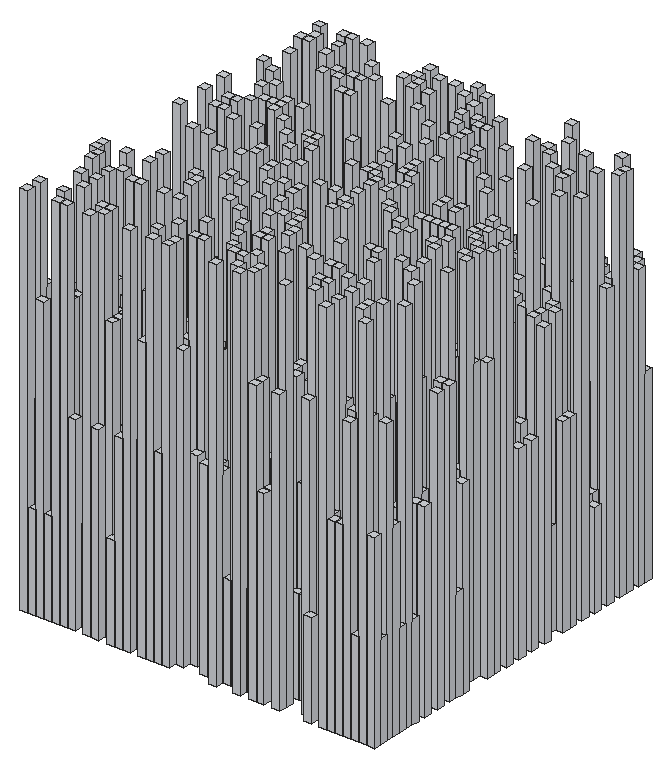
Revit family "qrcodeQ(a)R(t)", category Generic Models, Revit 2013 (continued)
Forms (in)
  Extrusion 695, solid
    sketch origin (0, 0, 0) x (1, 0, 0) y (0, 1, 0)
      loop
        line (19.992, 28.9884) -> (20.9916, 28.9884) -> (20.9916, 29.988) -> (19.992, 29.988) -> (19.992, 28.9884)
    from 0 to 24
  Extrusion 696, solid
    sketch origin (0, 0, 0) x (1, 0, 0) y (0, 1, 0)
      loop
        line (20.9916, 28.9884) -> (21.9912, 28.9884) -> (21.9912, 29.988) -> (20.9916, 29.988) -> (20.9916, 28.9884)
    from 0 to 12
  Extrusion 697, solid
    sketch origin (0, 0, 0) x (1, 0, 0) y (0, 1, 0)
      loop
        line (21.9912, 28.9884) -> (22.9908, 28.9884) -> (22.9908, 29.988) -> (21.9912, 29.988) -> (21.9912, 28.9884)
    from 0 to 36
  Extrusion 698, solid
    sketch origin (0, 0, 0) x (1, 0, 0) y (0, 1, 0)
      loop
        line (26.9892, 28.9884) -> (27.9888, 28.9884) -> (27.9888, 29.988) -> (26.9892, 29.988) -> (26.9892, 28.9884)
    from 0 to 12
  Extrusion 699, solid
    sketch origin (0, 0, 0) x (1, 0, 0) y (0, 1, 0)
      loop
        line (27.9888, 28.9884) -> (28.9884, 28.9884) -> (28.9884, 29.988) -> (27.9888, 29.988) -> (27.9888, 28.9884)
    from 0 to 36
  Extrusion 700, solid
    sketch origin (0, 0, 0) x (1, 0, 0) y (0, 1, 0)
      loop
        line (28.9884, 28.9884) -> (29.988, 28.9884) -> (29.988, 29.988) -> (28.9884, 29.988) -> (28.9884, 28.9884)
    from 0 to 36
  Extrusion 701, solid
    sketch origin (0, 0, 0) x (1, 0, 0) y (0, 1, 0)
      loop
        line (29.988, 28.9884) -> (30.9876, 28.9884) -> (30.9876, 29.988) -> (29.988, 29.988) -> (29.988, 28.9884)
    from 0 to 36
  Extrusion 702, solid
    sketch origin (0, 0, 0) x (1, 0, 0) y (0, 1, 0)
      loop
        line (31.9872, 28.9884) -> (32.9868, 28.9884) -> (32.9868, 29.988) -> (31.9872, 29.988) -> (31.9872, 28.9884)
    from 0 to 12
  Extrusion 703, solid
    sketch origin (0, 0, 0) x (1, 0, 0) y (0, 1, 0)
      loop
        line (32.9868, 28.9884) -> (33.9864, 28.9884) -> (33.9864, 29.988) -> (32.9868, 29.988) -> (32.9868, 28.9884)
    from 0 to 12
  Extrusion 704, solid
    sketch origin (0, 0, 0) x (1, 0, 0) y (0, 1, 0)
      loop
        line (38.9844, 28.9884) -> (39.984, 28.9884) -> (39.984, 29.988) -> (38.9844, 29.988) -> (38.9844, 28.9884)
    from 0 to 12
  Extrusion 705, solid
    sketch origin (0, 0, 0) x (1, 0, 0) y (0, 1, 0)
      loop
        line (39.984, 28.9884) -> (40.9836, 28.9884) -> (40.9836, 29.988) -> (39.984, 29.988) -> (39.984, 28.9884)
    from 0 to 36
  Extrusion 706, solid
    sketch origin (0, 0, 0) x (1, 0, 0) y (0, 1, 0)
      loop
        line (40.9836, 28.9884) -> (41.9832, 28.9884) -> (41.9832, 29.988) -> (40.9836, 29.988) -> (40.9836, 28.9884)
    from 0 to 48
  Extrusion 707, solid
    sketch origin (0, 0, 0) x (1, 0, 0) y (0, 1, 0)
      loop
        line (41.9832, 28.9884) -> (42.9828, 28.9884) -> (42.9828, 29.988) -> (41.9832, 29.988) -> (41.9832, 28.9884)
    from 0 to 36
  Extrusion 708, solid
    sketch origin (0, 0, 0) x (1, 0, 0) y (0, 1, 0)
      loop
        line (42.9828, 28.9884) -> (43.9824, 28.9884) -> (43.9824, 29.988) -> (42.9828, 29.988) -> (42.9828, 28.9884)
    from 0 to 12
  Extrusion 709, solid
    sketch origin (0, 0, 0) x (1, 0, 0) y (0, 1, 0)
      loop
        line (0, 29.988) -> (0.9996, 29.988) -> (0.9996, 30.9876) -> (0, 30.9876) -> (0, 29.988)
    from 0 to 24
  Extrusion 710, solid
    sketch origin (0, 0, 0) x (1, 0, 0) y (0, 1, 0)
      loop
        line (0.9996, 29.988) -> (1.9992, 29.988) -> (1.9992, 30.9876) -> (0.9996, 30.9876) -> (0.9996, 29.988)
    from 0 to 48
  Extrusion 711, solid
    sketch origin (0, 0, 0) x (1, 0, 0) y (0, 1, 0)
      loop
        line (2.9988, 29.988) -> (3.9984, 29.988) -> (3.9984, 30.9876) -> (2.9988, 30.9876) -> (2.9988, 29.988)
    from 0 to 36
  Extrusion 712, solid
    sketch origin (0, 0, 0) x (1, 0, 0) y (0, 1, 0)
      loop
        line (4.998, 29.988) -> (5.9976, 29.988) -> (5.9976, 30.9876) -> (4.998, 30.9876) -> (4.998, 29.988)
    from 0 to 12
  Extrusion 713, solid
    sketch origin (0, 0, 0) x (1, 0, 0) y (0, 1, 0)
      loop
        line (5.9976, 29.988) -> (6.9972, 29.988) -> (6.9972, 30.9876) -> (5.9976, 30.9876) -> (5.9976, 29.988)
    from 0 to 36
  Extrusion 714, solid
    sketch origin (0, 0, 0) x (1, 0, 0) y (0, 1, 0)
      loop
        line (7.9968, 29.988) -> (8.9964, 29.988) -> (8.9964, 30.9876) -> (7.9968, 30.9876) -> (7.9968, 29.988)
    from 0 to 36
  Extrusion 715, solid
    sketch origin (0, 0, 0) x (1, 0, 0) y (0, 1, 0)
      loop
        line (8.9964, 29.988) -> (9.996, 29.988) -> (9.996, 30.9876) -> (8.9964, 30.9876) -> (8.9964, 29.988)
    from 0 to 48
  Extrusion 716, solid
    sketch origin (0, 0, 0) x (1, 0, 0) y (0, 1, 0)
      loop
        line (10.9956, 29.988) -> (11.9952, 29.988) -> (11.9952, 30.9876) -> (10.9956, 30.9876) -> (10.9956, 29.988)
    from 0 to 48
  Extrusion 717, solid
    sketch origin (0, 0, 0) x (1, 0, 0) y (0, 1, 0)
      loop
        line (11.9952, 29.988) -> (12.9948, 29.988) -> (12.9948, 30.9876) -> (11.9952, 30.9876) -> (11.9952, 29.988)
    from 0 to 12
  Extrusion 718, solid
    sketch origin (0, 0, 0) x (1, 0, 0) y (0, 1, 0)
      loop
        line (14.994, 29.988) -> (15.9936, 29.988) -> (15.9936, 30.9876) -> (14.994, 30.9876) -> (14.994, 29.988)
    from 0 to 12
  Extrusion 719, solid
    sketch origin (0, 0, 0) x (1, 0, 0) y (0, 1, 0)
      loop
        line (15.9936, 29.988) -> (16.9932, 29.988) -> (16.9932, 30.9876) -> (15.9936, 30.9876) -> (15.9936, 29.988)
    from 0 to 24
  Extrusion 720, solid
    sketch origin (0, 0, 0) x (1, 0, 0) y (0, 1, 0)
      loop
        line (16.9932, 29.988) -> (17.9928, 29.988) -> (17.9928, 30.9876) -> (16.9932, 30.9876) -> (16.9932, 29.988)
    from 0 to 24
  Extrusion 721, solid
    sketch origin (0, 0, 0) x (1, 0, 0) y (0, 1, 0)
      loop
        line (19.992, 29.988) -> (20.9916, 29.988) -> (20.9916, 30.9876) -> (19.992, 30.9876) -> (19.992, 29.988)
    from 0 to 36
  Extrusion 722, solid
    sketch origin (0, 0, 0) x (1, 0, 0) y (0, 1, 0)
      loop
        line (22.9908, 29.988) -> (23.9904, 29.988) -> (23.9904, 30.9876) -> (22.9908, 30.9876) -> (22.9908, 29.988)
    from 0 to 24
  Extrusion 723, solid
    sketch origin (0, 0, 0) x (1, 0, 0) y (0, 1, 0)
      loop
        line (23.9904, 29.988) -> (24.99, 29.988) -> (24.99, 30.9876) -> (23.9904, 30.9876) -> (23.9904, 29.988)
    from 0 to 48
  Extrusion 724, solid
    sketch origin (0, 0, 0) x (1, 0, 0) y (0, 1, 0)
      loop
        line (25.9896, 29.988) -> (26.9892, 29.988) -> (26.9892, 30.9876) -> (25.9896, 30.9876) -> (25.9896, 29.988)
    from 0 to 36
  Extrusion 725, solid
    sketch origin (0, 0, 0) x (1, 0, 0) y (0, 1, 0)
      loop
        line (26.9892, 29.988) -> (27.9888, 29.988) -> (27.9888, 30.9876) -> (26.9892, 30.9876) -> (26.9892, 29.988)
    from 0 to 12
  Extrusion 726, solid
    sketch origin (0, 0, 0) x (1, 0, 0) y (0, 1, 0)
      loop
        line (27.9888, 29.988) -> (28.9884, 29.988) -> (28.9884, 30.9876) -> (27.9888, 30.9876) -> (27.9888, 29.988)
    from 0 to 48
  Extrusion 727, solid
    sketch origin (0, 0, 0) x (1, 0, 0) y (0, 1, 0)
      loop
        line (29.988, 29.988) -> (30.9876, 29.988) -> (30.9876, 30.9876) -> (29.988, 30.9876) -> (29.988, 29.988)
    from 0 to 12
  Extrusion 728, solid
    sketch origin (0, 0, 0) x (1, 0, 0) y (0, 1, 0)
      loop
        line (32.9868, 29.988) -> (33.9864, 29.988) -> (33.9864, 30.9876) -> (32.9868, 30.9876) -> (32.9868, 29.988)
    from 0 to 12
  Extrusion 729, solid
    sketch origin (0, 0, 0) x (1, 0, 0) y (0, 1, 0)
      loop
        line (33.9864, 29.988) -> (34.986, 29.988) -> (34.986, 30.9876) -> (33.9864, 30.9876) -> (33.9864, 29.988)
    from 0 to 48
  Extrusion 730, solid
    sketch origin (0, 0, 0) x (1, 0, 0) y (0, 1, 0)
      loop
        line (37.9848, 29.988) -> (38.9844, 29.988) -> (38.9844, 30.9876) -> (37.9848, 30.9876) -> (37.9848, 29.988)
    from 0 to 36
  Extrusion 731, solid
    sketch origin (0, 0, 0) x (1, 0, 0) y (0, 1, 0)
      loop
        line (39.984, 29.988) -> (40.9836, 29.988) -> (40.9836, 30.9876) -> (39.984, 30.9876) -> (39.984, 29.988)
    from 0 to 24
  Extrusion 732, solid
    sketch origin (0, 0, 0) x (1, 0, 0) y (0, 1, 0)
      loop
        line (41.9832, 29.988) -> (42.9828, 29.988) -> (42.9828, 30.9876) -> (41.9832, 30.9876) -> (41.9832, 29.988)
    from 0 to 12
  Extrusion 733, solid
    sketch origin (0, 0, 0) x (1, 0, 0) y (0, 1, 0)
      loop
        line (42.9828, 29.988) -> (43.9824, 29.988) -> (43.9824, 30.9876) -> (42.9828, 30.9876) -> (42.9828, 29.988)
    from 0 to 36
  Extrusion 734, solid
    sketch origin (0, 0, 0) x (1, 0, 0) y (0, 1, 0)
      loop
        line (43.9824, 29.988) -> (44.982, 29.988) -> (44.982, 30.9876) -> (43.9824, 30.9876) -> (43.9824, 29.988)
    from 0 to 24
  Extrusion 735, solid
    sketch origin (0, 0, 0) x (1, 0, 0) y (0, 1, 0)
      loop
        line (1.9992, 30.9876) -> (2.9988, 30.9876) -> (2.9988, 31.9872) -> (1.9992, 31.9872) -> (1.9992, 30.9876)
    from 0 to 12
  Extrusion 736, solid
    sketch origin (0, 0, 0) x (1, 0, 0) y (0, 1, 0)
      loop
        line (4.998, 30.9876) -> (5.9976, 30.9876) -> (5.9976, 31.9872) -> (4.998, 31.9872) -> (4.998, 30.9876)
    from 0 to 48
  Extrusion 737, solid
    sketch origin (0, 0, 0) x (1, 0, 0) y (0, 1, 0)
      loop
        line (6.9972, 30.9876) -> (7.9968, 30.9876) -> (7.9968, 31.9872) -> (6.9972, 31.9872) -> (6.9972, 30.9876)
    from 0 to 36
  Extrusion 738, solid
    sketch origin (0, 0, 0) x (1, 0, 0) y (0, 1, 0)
      loop
        line (16.9932, 30.9876) -> (17.9928, 30.9876) -> (17.9928, 31.9872) -> (16.9932, 31.9872) -> (16.9932, 30.9876)
    from 0 to 24
  Extrusion 739, solid
    sketch origin (0, 0, 0) x (1, 0, 0) y (0, 1, 0)
      loop
        line (17.9928, 30.9876) -> (18.9924, 30.9876) -> (18.9924, 31.9872) -> (17.9928, 31.9872) -> (17.9928, 30.9876)
    from 0 to 12
  Extrusion 740, solid
    sketch origin (0, 0, 0) x (1, 0, 0) y (0, 1, 0)
      loop
        line (21.9912, 30.9876) -> (22.9908, 30.9876) -> (22.9908, 31.9872) -> (21.9912, 31.9872) -> (21.9912, 30.9876)
    from 0 to 48
  Extrusion 741, solid
    sketch origin (0, 0, 0) x (1, 0, 0) y (0, 1, 0)
      loop
        line (22.9908, 30.9876) -> (23.9904, 30.9876) -> (23.9904, 31.9872) -> (22.9908, 31.9872) -> (22.9908, 30.9876)
    from 0 to 36
  Extrusion 742, solid
    sketch origin (0, 0, 0) x (1, 0, 0) y (0, 1, 0)
      loop
        line (29.988, 30.9876) -> (30.9876, 30.9876) -> (30.9876, 31.9872) -> (29.988, 31.9872) -> (29.988, 30.9876)
    from 0 to 24
  Extrusion 743, solid
    sketch origin (0, 0, 0) x (1, 0, 0) y (0, 1, 0)
      loop
        line (31.9872, 30.9876) -> (32.9868, 30.9876) -> (32.9868, 31.9872) -> (31.9872, 31.9872) -> (31.9872, 30.9876)
    from 0 to 12
  Extrusion 744, solid
    sketch origin (0, 0, 0) x (1, 0, 0) y (0, 1, 0)
      loop
        line (35.9856, 30.9876) -> (36.9852, 30.9876) -> (36.9852, 31.9872) -> (35.9856, 31.9872) -> (35.9856, 30.9876)
    from 0 to 48
  Extrusion 745, solid
    sketch origin (0, 0, 0) x (1, 0, 0) y (0, 1, 0)
      loop
        line (39.984, 30.9876) -> (40.9836, 30.9876) -> (40.9836, 31.9872) -> (39.984, 31.9872) -> (39.984, 30.9876)
    from 0 to 24
  Extrusion 746, solid
    sketch origin (0, 0, 0) x (1, 0, 0) y (0, 1, 0)
      loop
        line (41.9832, 30.9876) -> (42.9828, 30.9876) -> (42.9828, 31.9872) -> (41.9832, 31.9872) -> (41.9832, 30.9876)
    from 0 to 36
  Extrusion 747, solid
    sketch origin (0, 0, 0) x (1, 0, 0) y (0, 1, 0)
      loop
        line (43.9824, 30.9876) -> (44.982, 30.9876) -> (44.982, 31.9872) -> (43.9824, 31.9872) -> (43.9824, 30.9876)
    from 0 to 24
  Extrusion 748, solid
    sketch origin (0, 0, 0) x (1, 0, 0) y (0, 1, 0)
      loop
        line (3.9984, 31.9872) -> (4.998, 31.9872) -> (4.998, 32.9868) -> (3.9984, 32.9868) -> (3.9984, 31.9872)
    from 0 to 12
  Extrusion 749, solid
    sketch origin (0, 0, 0) x (1, 0, 0) y (0, 1, 0)
      loop
        line (4.998, 31.9872) -> (5.9976, 31.9872) -> (5.9976, 32.9868) -> (4.998, 32.9868) -> (4.998, 31.9872)
    from 0 to 36
  Extrusion 750, solid
    sketch origin (0, 0, 0) x (1, 0, 0) y (0, 1, 0)
      loop
        line (5.9976, 31.9872) -> (6.9972, 31.9872) -> (6.9972, 32.9868) -> (5.9976, 32.9868) -> (5.9976, 31.9872)
    from 0 to 48
  Extrusion 751, solid
    sketch origin (0, 0, 0) x (1, 0, 0) y (0, 1, 0)
      loop
        line (7.9968, 31.9872) -> (8.9964, 31.9872) -> (8.9964, 32.9868) -> (7.9968, 32.9868) -> (7.9968, 31.9872)
    from 0 to 24
  Extrusion 752, solid
    sketch origin (0, 0, 0) x (1, 0, 0) y (0, 1, 0)
      loop
        line (13.9944, 31.9872) -> (14.994, 31.9872) -> (14.994, 32.9868) -> (13.9944, 32.9868) -> (13.9944, 31.9872)
    from 0 to 36
  Extrusion 753, solid
    sketch origin (0, 0, 0) x (1, 0, 0) y (0, 1, 0)
      loop
        line (19.992, 31.9872) -> (20.9916, 31.9872) -> (20.9916, 32.9868) -> (19.992, 32.9868) -> (19.992, 31.9872)
    from 0 to 12
  Extrusion 754, solid
    sketch origin (0, 0, 0) x (1, 0, 0) y (0, 1, 0)
      loop
        line (24.99, 31.9872) -> (25.9896, 31.9872) -> (25.9896, 32.9868) -> (24.99, 32.9868) -> (24.99, 31.9872)
    from 0 to 48
  Extrusion 755, solid
    sketch origin (0, 0, 0) x (1, 0, 0) y (0, 1, 0)
      loop
        line (25.9896, 31.9872) -> (26.9892, 31.9872) -> (26.9892, 32.9868) -> (25.9896, 32.9868) -> (25.9896, 31.9872)
    from 0 to 12
  Extrusion 756, solid
    sketch origin (0, 0, 0) x (1, 0, 0) y (0, 1, 0)
      loop
        line (28.9884, 31.9872) -> (29.988, 31.9872) -> (29.988, 32.9868) -> (28.9884, 32.9868) -> (28.9884, 31.9872)
    from 0 to 36
  Extrusion 757, solid
    sketch origin (0, 0, 0) x (1, 0, 0) y (0, 1, 0)
      loop
        line (29.988, 31.9872) -> (30.9876, 31.9872) -> (30.9876, 32.9868) -> (29.988, 32.9868) -> (29.988, 31.9872)
    from 0 to 48
  Extrusion 758, solid
    sketch origin (0, 0, 0) x (1, 0, 0) y (0, 1, 0)
      loop
        line (30.9876, 31.9872) -> (31.9872, 31.9872) -> (31.9872, 32.9868) -> (30.9876, 32.9868) -> (30.9876, 31.9872)
    from 0 to 48
  Extrusion 759, solid
    sketch origin (0, 0, 0) x (1, 0, 0) y (0, 1, 0)
      loop
        line (33.9864, 31.9872) -> (34.986, 31.9872) -> (34.986, 32.9868) -> (33.9864, 32.9868) -> (33.9864, 31.9872)
    from 0 to 24
  Extrusion 760, solid
    sketch origin (0, 0, 0) x (1, 0, 0) y (0, 1, 0)
      loop
        line (37.9848, 31.9872) -> (38.9844, 31.9872) -> (38.9844, 32.9868) -> (37.9848, 32.9868) -> (37.9848, 31.9872)
    from 0 to 12
  Extrusion 761, solid
    sketch origin (0, 0, 0) x (1, 0, 0) y (0, 1, 0)
      loop
        line (39.984, 31.9872) -> (40.9836, 31.9872) -> (40.9836, 32.9868) -> (39.984, 32.9868) -> (39.984, 31.9872)
    from 0 to 12
  Extrusion 762, solid
    sketch origin (0, 0, 0) x (1, 0, 0) y (0, 1, 0)
      loop
        line (40.9836, 31.9872) -> (41.9832, 31.9872) -> (41.9832, 32.9868) -> (40.9836, 32.9868) -> (40.9836, 31.9872)
    from 0 to 12
  Extrusion 763, solid
    sketch origin (0, 0, 0) x (1, 0, 0) y (0, 1, 0)
      loop
        line (41.9832, 31.9872) -> (42.9828, 31.9872) -> (42.9828, 32.9868) -> (41.9832, 32.9868) -> (41.9832, 31.9872)
    from 0 to 48
  Extrusion 764, solid
    sketch origin (0, 0, 0) x (1, 0, 0) y (0, 1, 0)
      loop
        line (42.9828, 31.9872) -> (43.9824, 31.9872) -> (43.9824, 32.9868) -> (42.9828, 32.9868) -> (42.9828, 31.9872)
    from 0 to 12
  Extrusion 765, solid
    sketch origin (0, 0, 0) x (1, 0, 0) y (0, 1, 0)
      loop
        line (0.9996, 32.9868) -> (1.9992, 32.9868) -> (1.9992, 33.9864) -> (0.9996, 33.9864) -> (0.9996, 32.9868)
    from 0 to 36
  Extrusion 766, solid
    sketch origin (0, 0, 0) x (1, 0, 0) y (0, 1, 0)
      loop
        line (1.9992, 32.9868) -> (2.9988, 32.9868) -> (2.9988, 33.9864) -> (1.9992, 33.9864) -> (1.9992, 32.9868)
    from 0 to 24
  Extrusion 767, solid
    sketch origin (0, 0, 0) x (1, 0, 0) y (0, 1, 0)
      loop
        line (4.998, 32.9868) -> (5.9976, 32.9868) -> (5.9976, 33.9864) -> (4.998, 33.9864) -> (4.998, 32.9868)
    from 0 to 24
  Extrusion 768, solid
    sketch origin (0, 0, 0) x (1, 0, 0) y (0, 1, 0)
      loop
        line (6.9972, 32.9868) -> (7.9968, 32.9868) -> (7.9968, 33.9864) -> (6.9972, 33.9864) -> (6.9972, 32.9868)
    from 0 to 24
  Extrusion 769, solid
    sketch origin (0, 0, 0) x (1, 0, 0) y (0, 1, 0)
      loop
        line (10.9956, 32.9868) -> (11.9952, 32.9868) -> (11.9952, 33.9864) -> (10.9956, 33.9864) -> (10.9956, 32.9868)
    from 0 to 24
  Extrusion 770, solid
    sketch origin (0, 0, 0) x (1, 0, 0) y (0, 1, 0)
      loop
        line (13.9944, 32.9868) -> (14.994, 32.9868) -> (14.994, 33.9864) -> (13.9944, 33.9864) -> (13.9944, 32.9868)
    from 0 to 24
  Extrusion 771, solid
    sketch origin (0, 0, 0) x (1, 0, 0) y (0, 1, 0)
      loop
        line (14.994, 32.9868) -> (15.9936, 32.9868) -> (15.9936, 33.9864) -> (14.994, 33.9864) -> (14.994, 32.9868)
    from 0 to 24
  Extrusion 772, solid
    sketch origin (0, 0, 0) x (1, 0, 0) y (0, 1, 0)
      loop
        line (15.9936, 32.9868) -> (16.9932, 32.9868) -> (16.9932, 33.9864) -> (15.9936, 33.9864) -> (15.9936, 32.9868)
    from 0 to 24
  Extrusion 773, solid
    sketch origin (0, 0, 0) x (1, 0, 0) y (0, 1, 0)
      loop
        line (19.992, 32.9868) -> (20.9916, 32.9868) -> (20.9916, 33.9864) -> (19.992, 33.9864) -> (19.992, 32.9868)
    from 0 to 24
  Extrusion 774, solid
    sketch origin (0, 0, 0) x (1, 0, 0) y (0, 1, 0)
      loop
        line (21.9912, 32.9868) -> (22.9908, 32.9868) -> (22.9908, 33.9864) -> (21.9912, 33.9864) -> (21.9912, 32.9868)
    from 0 to 12
  Extrusion 775, solid
    sketch origin (0, 0, 0) x (1, 0, 0) y (0, 1, 0)
      loop
        line (22.9908, 32.9868) -> (23.9904, 32.9868) -> (23.9904, 33.9864) -> (22.9908, 33.9864) -> (22.9908, 32.9868)
    from 0 to 24
  Extrusion 776, solid
    sketch origin (0, 0, 0) x (1, 0, 0) y (0, 1, 0)
      loop
        line (24.99, 32.9868) -> (25.9896, 32.9868) -> (25.9896, 33.9864) -> (24.99, 33.9864) -> (24.99, 32.9868)
    from 0 to 12
  Extrusion 777, solid
    sketch origin (0, 0, 0) x (1, 0, 0) y (0, 1, 0)
      loop
        line (29.988, 32.9868) -> (30.9876, 32.9868) -> (30.9876, 33.9864) -> (29.988, 33.9864) -> (29.988, 32.9868)
    from 0 to 12
  Extrusion 778, solid
    sketch origin (0, 0, 0) x (1, 0, 0) y (0, 1, 0)
      loop
        line (30.9876, 32.9868) -> (31.9872, 32.9868) -> (31.9872, 33.9864) -> (30.9876, 33.9864) -> (30.9876, 32.9868)
    from 0 to 12
  Extrusion 779, solid
    sketch origin (0, 0, 0) x (1, 0, 0) y (0, 1, 0)
      loop
        line (31.9872, 32.9868) -> (32.9868, 32.9868) -> (32.9868, 33.9864) -> (31.9872, 33.9864) -> (31.9872, 32.9868)
    from 0 to 12
  Extrusion 780, solid
    sketch origin (0, 0, 0) x (1, 0, 0) y (0, 1, 0)
      loop
        line (33.9864, 32.9868) -> (34.986, 32.9868) -> (34.986, 33.9864) -> (33.9864, 33.9864) -> (33.9864, 32.9868)
    from 0 to 12
  Extrusion 781, solid
    sketch origin (0, 0, 0) x (1, 0, 0) y (0, 1, 0)
      loop
        line (35.9856, 32.9868) -> (36.9852, 32.9868) -> (36.9852, 33.9864) -> (35.9856, 33.9864) -> (35.9856, 32.9868)
    from 0 to 36
  Extrusion 782, solid
    sketch origin (0, 0, 0) x (1, 0, 0) y (0, 1, 0)
      loop
        line (39.984, 32.9868) -> (40.9836, 32.9868) -> (40.9836, 33.9864) -> (39.984, 33.9864) -> (39.984, 32.9868)
    from 0 to 36
  Extrusion 783, solid
    sketch origin (0, 0, 0) x (1, 0, 0) y (0, 1, 0)
      loop
        line (40.9836, 32.9868) -> (41.9832, 32.9868) -> (41.9832, 33.9864) -> (40.9836, 33.9864) -> (40.9836, 32.9868)
    from 0 to 36
  Extrusion 784, solid
    sketch origin (0, 0, 0) x (1, 0, 0) y (0, 1, 0)
      loop
        line (43.9824, 32.9868) -> (44.982, 32.9868) -> (44.982, 33.9864) -> (43.9824, 33.9864) -> (43.9824, 32.9868)
    from 0 to 48
  Extrusion 785, solid
    sketch origin (0, 0, 0) x (1, 0, 0) y (0, 1, 0)
      loop
        line (3.9984, 33.9864) -> (4.998, 33.9864) -> (4.998, 34.986) -> (3.9984, 34.986) -> (3.9984, 33.9864)
    from 0 to 48
  Extrusion 786, solid
    sketch origin (0, 0, 0) x (1, 0, 0) y (0, 1, 0)
      loop
        line (5.9976, 33.9864) -> (6.9972, 33.9864) -> (6.9972, 34.986) -> (5.9976, 34.986) -> (5.9976, 33.9864)
    from 0 to 36
  Extrusion 787, solid
    sketch origin (0, 0, 0) x (1, 0, 0) y (0, 1, 0)
      loop
        line (8.9964, 33.9864) -> (9.996, 33.9864) -> (9.996, 34.986) -> (8.9964, 34.986) -> (8.9964, 33.9864)
    from 0 to 36
  Extrusion 788, solid
    sketch origin (0, 0, 0) x (1, 0, 0) y (0, 1, 0)
      loop
        line (11.9952, 33.9864) -> (12.9948, 33.9864) -> (12.9948, 34.986) -> (11.9952, 34.986) -> (11.9952, 33.9864)
    from 0 to 12
  Extrusion 789, solid
    sketch origin (0, 0, 0) x (1, 0, 0) y (0, 1, 0)
      loop
        line (12.9948, 33.9864) -> (13.9944, 33.9864) -> (13.9944, 34.986) -> (12.9948, 34.986) -> (12.9948, 33.9864)
    from 0 to 24
  Extrusion 790, solid
    sketch origin (0, 0, 0) x (1, 0, 0) y (0, 1, 0)
      loop
        line (16.9932, 33.9864) -> (17.9928, 33.9864) -> (17.9928, 34.986) -> (16.9932, 34.986) -> (16.9932, 33.9864)
    from 0 to 24
  Extrusion 791, solid
    sketch origin (0, 0, 0) x (1, 0, 0) y (0, 1, 0)
      loop
        line (17.9928, 33.9864) -> (18.9924, 33.9864) -> (18.9924, 34.986) -> (17.9928, 34.986) -> (17.9928, 33.9864)
    from 0 to 12
  Extrusion 792, solid
    sketch origin (0, 0, 0) x (1, 0, 0) y (0, 1, 0)
      loop
        line (20.9916, 33.9864) -> (21.9912, 33.9864) -> (21.9912, 34.986) -> (20.9916, 34.986) -> (20.9916, 33.9864)
    from 0 to 36
  Extrusion 793, solid
    sketch origin (0, 0, 0) x (1, 0, 0) y (0, 1, 0)
      loop
        line (23.9904, 33.9864) -> (24.99, 33.9864) -> (24.99, 34.986) -> (23.9904, 34.986) -> (23.9904, 33.9864)
    from 0 to 24
  Extrusion 794, solid
    sketch origin (0, 0, 0) x (1, 0, 0) y (0, 1, 0)
      loop
        line (25.9896, 33.9864) -> (26.9892, 33.9864) -> (26.9892, 34.986) -> (25.9896, 34.986) -> (25.9896, 33.9864)
    from 0 to 48
  Extrusion 795, solid
    sketch origin (0, 0, 0) x (1, 0, 0) y (0, 1, 0)
      loop
        line (27.9888, 33.9864) -> (28.9884, 33.9864) -> (28.9884, 34.986) -> (27.9888, 34.986) -> (27.9888, 33.9864)
    from 0 to 12
  Extrusion 796, solid
    sketch origin (0, 0, 0) x (1, 0, 0) y (0, 1, 0)
      loop
        line (29.988, 33.9864) -> (30.9876, 33.9864) -> (30.9876, 34.986) -> (29.988, 34.986) -> (29.988, 33.9864)
    from 0 to 48
  Extrusion 797, solid
    sketch origin (0, 0, 0) x (1, 0, 0) y (0, 1, 0)
      loop
        line (31.9872, 33.9864) -> (32.9868, 33.9864) -> (32.9868, 34.986) -> (31.9872, 34.986) -> (31.9872, 33.9864)
    from 0 to 24
  Extrusion 798, solid
    sketch origin (0, 0, 0) x (1, 0, 0) y (0, 1, 0)
      loop
        line (34.986, 33.9864) -> (35.9856, 33.9864) -> (35.9856, 34.986) -> (34.986, 34.986) -> (34.986, 33.9864)
    from 0 to 24
  Extrusion 799, solid
    sketch origin (0, 0, 0) x (1, 0, 0) y (0, 1, 0)
      loop
        line (35.9856, 33.9864) -> (36.9852, 33.9864) -> (36.9852, 34.986) -> (35.9856, 34.986) -> (35.9856, 33.9864)
    from 0 to 48
  Extrusion 800, solid
    sketch origin (0, 0, 0) x (1, 0, 0) y (0, 1, 0)
      loop
        line (36.9852, 33.9864) -> (37.9848, 33.9864) -> (37.9848, 34.986) -> (36.9852, 34.986) -> (36.9852, 33.9864)
    from 0 to 36
  Extrusion 801, solid
    sketch origin (0, 0, 0) x (1, 0, 0) y (0, 1, 0)
      loop
        line (40.9836, 33.9864) -> (41.9832, 33.9864) -> (41.9832, 34.986) -> (40.9836, 34.986) -> (40.9836, 33.9864)
    from 0 to 12
  Extrusion 802, solid
    sketch origin (0, 0, 0) x (1, 0, 0) y (0, 1, 0)
      loop
        line (42.9828, 33.9864) -> (43.9824, 33.9864) -> (43.9824, 34.986) -> (42.9828, 34.986) -> (42.9828, 33.9864)
    from 0 to 12
  Extrusion 803, solid
    sketch origin (0, 0, 0) x (1, 0, 0) y (0, 1, 0)
      loop
        line (0.9996, 34.986) -> (1.9992, 34.986) -> (1.9992, 35.9856) -> (0.9996, 35.9856) -> (0.9996, 34.986)
    from 0 to 36
  Extrusion 804, solid
    sketch origin (0, 0, 0) x (1, 0, 0) y (0, 1, 0)
      loop
        line (1.9992, 34.986) -> (2.9988, 34.986) -> (2.9988, 35.9856) -> (1.9992, 35.9856) -> (1.9992, 34.986)
    from 0 to 48
  Extrusion 805, solid
    sketch origin (0, 0, 0) x (1, 0, 0) y (0, 1, 0)
      loop
        line (2.9988, 34.986) -> (3.9984, 34.986) -> (3.9984, 35.9856) -> (2.9988, 35.9856) -> (2.9988, 34.986)
    from 0 to 36
  Extrusion 806, solid
    sketch origin (0, 0, 0) x (1, 0, 0) y (0, 1, 0)
      loop
        line (3.9984, 34.986) -> (4.998, 34.986) -> (4.998, 35.9856) -> (3.9984, 35.9856) -> (3.9984, 34.986)
    from 0 to 24
  Extrusion 807, solid
    sketch origin (0, 0, 0) x (1, 0, 0) y (0, 1, 0)
      loop
        line (6.9972, 34.986) -> (7.9968, 34.986) -> (7.9968, 35.9856) -> (6.9972, 35.9856) -> (6.9972, 34.986)
    from 0 to 12
  Extrusion 808, solid
    sketch origin (0, 0, 0) x (1, 0, 0) y (0, 1, 0)
      loop
        line (9.996, 34.986) -> (10.9956, 34.986) -> (10.9956, 35.9856) -> (9.996, 35.9856) -> (9.996, 34.986)
    from 0 to 24
  Extrusion 809, solid
    sketch origin (0, 0, 0) x (1, 0, 0) y (0, 1, 0)
      loop
        line (11.9952, 34.986) -> (12.9948, 34.986) -> (12.9948, 35.9856) -> (11.9952, 35.9856) -> (11.9952, 34.986)
    from 0 to 48
  Extrusion 810, solid
    sketch origin (0, 0, 0) x (1, 0, 0) y (0, 1, 0)
      loop
        line (12.9948, 34.986) -> (13.9944, 34.986) -> (13.9944, 35.9856) -> (12.9948, 35.9856) -> (12.9948, 34.986)
    from 0 to 48
  Extrusion 811, solid
    sketch origin (0, 0, 0) x (1, 0, 0) y (0, 1, 0)
      loop
        line (13.9944, 34.986) -> (14.994, 34.986) -> (14.994, 35.9856) -> (13.9944, 35.9856) -> (13.9944, 34.986)
    from 0 to 12
  Extrusion 812, solid
    sketch origin (0, 0, 0) x (1, 0, 0) y (0, 1, 0)
      loop
        line (16.9932, 34.986) -> (17.9928, 34.986) -> (17.9928, 35.9856) -> (16.9932, 35.9856) -> (16.9932, 34.986)
    from 0 to 36
  Extrusion 813, solid
    sketch origin (0, 0, 0) x (1, 0, 0) y (0, 1, 0)
      loop
        line (17.9928, 34.986) -> (18.9924, 34.986) -> (18.9924, 35.9856) -> (17.9928, 35.9856) -> (17.9928, 34.986)
    from 0 to 12
  Extrusion 814, solid
    sketch origin (0, 0, 0) x (1, 0, 0) y (0, 1, 0)
      loop
        line (20.9916, 34.986) -> (21.9912, 34.986) -> (21.9912, 35.9856) -> (20.9916, 35.9856) -> (20.9916, 34.986)
    from 0 to 36
  Extrusion 815, solid
    sketch origin (0, 0, 0) x (1, 0, 0) y (0, 1, 0)
      loop
        line (21.9912, 34.986) -> (22.9908, 34.986) -> (22.9908, 35.9856) -> (21.9912, 35.9856) -> (21.9912, 34.986)
    from 0 to 12
  Extrusion 816, solid
    sketch origin (0, 0, 0) x (1, 0, 0) y (0, 1, 0)
      loop
        line (22.9908, 34.986) -> (23.9904, 34.986) -> (23.9904, 35.9856) -> (22.9908, 35.9856) -> (22.9908, 34.986)
    from 0 to 48
  Extrusion 817, solid
    sketch origin (0, 0, 0) x (1, 0, 0) y (0, 1, 0)
      loop
        line (23.9904, 34.986) -> (24.99, 34.986) -> (24.99, 35.9856) -> (23.9904, 35.9856) -> (23.9904, 34.986)
    from 0 to 24
  Extrusion 818, solid
    sketch origin (0, 0, 0) x (1, 0, 0) y (0, 1, 0)
      loop
        line (26.9892, 34.986) -> (27.9888, 34.986) -> (27.9888, 35.9856) -> (26.9892, 35.9856) -> (26.9892, 34.986)
    from 0 to 48
  Extrusion 819, solid
    sketch origin (0, 0, 0) x (1, 0, 0) y (0, 1, 0)
      loop
        line (27.9888, 34.986) -> (28.9884, 34.986) -> (28.9884, 35.9856) -> (27.9888, 35.9856) -> (27.9888, 34.986)
    from 0 to 12
  Extrusion 820, solid
    sketch origin (0, 0, 0) x (1, 0, 0) y (0, 1, 0)
      loop
        line (30.9876, 34.986) -> (31.9872, 34.986) -> (31.9872, 35.9856) -> (30.9876, 35.9856) -> (30.9876, 34.986)
    from 0 to 12
  Extrusion 821, solid
    sketch origin (0, 0, 0) x (1, 0, 0) y (0, 1, 0)
      loop
        line (32.9868, 34.986) -> (33.9864, 34.986) -> (33.9864, 35.9856) -> (32.9868, 35.9856) -> (32.9868, 34.986)
    from 0 to 36
  Extrusion 822, solid
    sketch origin (0, 0, 0) x (1, 0, 0) y (0, 1, 0)
      loop
        line (35.9856, 34.986) -> (36.9852, 34.986) -> (36.9852, 35.9856) -> (35.9856, 35.9856) -> (35.9856, 34.986)
    from 0 to 24
  Extrusion 823, solid
    sketch origin (0, 0, 0) x (1, 0, 0) y (0, 1, 0)
      loop
        line (39.984, 34.986) -> (40.9836, 34.986) -> (40.9836, 35.9856) -> (39.984, 35.9856) -> (39.984, 34.986)
    from 0 to 48
  Extrusion 824, solid
    sketch origin (0, 0, 0) x (1, 0, 0) y (0, 1, 0)
      loop
        line (43.9824, 34.986) -> (44.982, 34.986) -> (44.982, 35.9856) -> (43.9824, 35.9856) -> (43.9824, 34.986)
    from 0 to 12
  Extrusion 825, solid
    sketch origin (0, 0, 0) x (1, 0, 0) y (0, 1, 0)
      loop
        line (0, 35.9856) -> (0.9996, 35.9856) -> (0.9996, 36.9852) -> (0, 36.9852) -> (0, 35.9856)
    from 0 to 12
  Extrusion 826, solid
    sketch origin (0, 0, 0) x (1, 0, 0) y (0, 1, 0)
      loop
        line (2.9988, 35.9856) -> (3.9984, 35.9856) -> (3.9984, 36.9852) -> (2.9988, 36.9852) -> (2.9988, 35.9856)
    from 0 to 24
  Extrusion 827, solid
    sketch origin (0, 0, 0) x (1, 0, 0) y (0, 1, 0)
      loop
        line (3.9984, 35.9856) -> (4.998, 35.9856) -> (4.998, 36.9852) -> (3.9984, 36.9852) -> (3.9984, 35.9856)
    from 0 to 24
  Extrusion 828, solid
    sketch origin (0, 0, 0) x (1, 0, 0) y (0, 1, 0)
      loop
        line (5.9976, 35.9856) -> (6.9972, 35.9856) -> (6.9972, 36.9852) -> (5.9976, 36.9852) -> (5.9976, 35.9856)
    from 0 to 12
  Extrusion 829, solid
    sketch origin (0, 0, 0) x (1, 0, 0) y (0, 1, 0)
      loop
        line (6.9972, 35.9856) -> (7.9968, 35.9856) -> (7.9968, 36.9852) -> (6.9972, 36.9852) -> (6.9972, 35.9856)
    from 0 to 36
  Extrusion 830, solid
    sketch origin (0, 0, 0) x (1, 0, 0) y (0, 1, 0)
      loop
        line (8.9964, 35.9856) -> (9.996, 35.9856) -> (9.996, 36.9852) -> (8.9964, 36.9852) -> (8.9964, 35.9856)
    from 0 to 24
  Extrusion 831, solid
    sketch origin (0, 0, 0) x (1, 0, 0) y (0, 1, 0)
      loop
        line (13.9944, 35.9856) -> (14.994, 35.9856) -> (14.994, 36.9852) -> (13.9944, 36.9852) -> (13.9944, 35.9856)
    from 0 to 12
  Extrusion 832, solid
    sketch origin (0, 0, 0) x (1, 0, 0) y (0, 1, 0)
      loop
        line (14.994, 35.9856) -> (15.9936, 35.9856) -> (15.9936, 36.9852) -> (14.994, 36.9852) -> (14.994, 35.9856)
    from 0 to 36
  Extrusion 833, solid
    sketch origin (0, 0, 0) x (1, 0, 0) y (0, 1, 0)
      loop
        line (16.9932, 35.9856) -> (17.9928, 35.9856) -> (17.9928, 36.9852) -> (16.9932, 36.9852) -> (16.9932, 35.9856)
    from 0 to 48
  Extrusion 834, solid
    sketch origin (0, 0, 0) x (1, 0, 0) y (0, 1, 0)
      loop
        line (18.9924, 35.9856) -> (19.992, 35.9856) -> (19.992, 36.9852) -> (18.9924, 36.9852) -> (18.9924, 35.9856)
    from 0 to 36
  Extrusion 835, solid
    sketch origin (0, 0, 0) x (1, 0, 0) y (0, 1, 0)
      loop
        line (19.992, 35.9856) -> (20.9916, 35.9856) -> (20.9916, 36.9852) -> (19.992, 36.9852) -> (19.992, 35.9856)
    from 0 to 36
  Extrusion 836, solid
    sketch origin (0, 0, 0) x (1, 0, 0) y (0, 1, 0)
      loop
        line (20.9916, 35.9856) -> (21.9912, 35.9856) -> (21.9912, 36.9852) -> (20.9916, 36.9852) -> (20.9916, 35.9856)
    from 0 to 24
  Extrusion 837, solid
    sketch origin (0, 0, 0) x (1, 0, 0) y (0, 1, 0)
      loop
        line (21.9912, 35.9856) -> (22.9908, 35.9856) -> (22.9908, 36.9852) -> (21.9912, 36.9852) -> (21.9912, 35.9856)
    from 0 to 36
  Extrusion 838, solid
    sketch origin (0, 0, 0) x (1, 0, 0) y (0, 1, 0)
      loop
        line (22.9908, 35.9856) -> (23.9904, 35.9856) -> (23.9904, 36.9852) -> (22.9908, 36.9852) -> (22.9908, 35.9856)
    from 0 to 24
  Extrusion 839, solid
    sketch origin (0, 0, 0) x (1, 0, 0) y (0, 1, 0)
      loop
        line (23.9904, 35.9856) -> (24.99, 35.9856) -> (24.99, 36.9852) -> (23.9904, 36.9852) -> (23.9904, 35.9856)
    from 0 to 12
  Extrusion 840, solid
    sketch origin (0, 0, 0) x (1, 0, 0) y (0, 1, 0)
      loop
        line (25.9896, 35.9856) -> (26.9892, 35.9856) -> (26.9892, 36.9852) -> (25.9896, 36.9852) -> (25.9896, 35.9856)
    from 0 to 12
  Extrusion 841, solid
    sketch origin (0, 0, 0) x (1, 0, 0) y (0, 1, 0)
      loop
        line (26.9892, 35.9856) -> (27.9888, 35.9856) -> (27.9888, 36.9852) -> (26.9892, 36.9852) -> (26.9892, 35.9856)
    from 0 to 48
  Extrusion 842, solid
    sketch origin (0, 0, 0) x (1, 0, 0) y (0, 1, 0)
      loop
        line (27.9888, 35.9856) -> (28.9884, 35.9856) -> (28.9884, 36.9852) -> (27.9888, 36.9852) -> (27.9888, 35.9856)
    from 0 to 36
  Extrusion 843, solid
    sketch origin (0, 0, 0) x (1, 0, 0) y (0, 1, 0)
      loop
        line (28.9884, 35.9856) -> (29.988, 35.9856) -> (29.988, 36.9852) -> (28.9884, 36.9852) -> (28.9884, 35.9856)
    from 0 to 24
  Extrusion 844, solid
    sketch origin (0, 0, 0) x (1, 0, 0) y (0, 1, 0)
      loop
        line (30.9876, 35.9856) -> (31.9872, 35.9856) -> (31.9872, 36.9852) -> (30.9876, 36.9852) -> (30.9876, 35.9856)
    from 0 to 12
  Extrusion 845, solid
    sketch origin (0, 0, 0) x (1, 0, 0) y (0, 1, 0)
      loop
        line (31.9872, 35.9856) -> (32.9868, 35.9856) -> (32.9868, 36.9852) -> (31.9872, 36.9852) -> (31.9872, 35.9856)
    from 0 to 48
  Extrusion 846, solid
    sketch origin (0, 0, 0) x (1, 0, 0) y (0, 1, 0)
      loop
        line (32.9868, 35.9856) -> (33.9864, 35.9856) -> (33.9864, 36.9852) -> (32.9868, 36.9852) -> (32.9868, 35.9856)
    from 0 to 24
  Extrusion 847, solid
    sketch origin (0, 0, 0) x (1, 0, 0) y (0, 1, 0)
      loop
        line (34.986, 35.9856) -> (35.9856, 35.9856) -> (35.9856, 36.9852) -> (34.986, 36.9852) -> (34.986, 35.9856)
    from 0 to 36
  Extrusion 848, solid
    sketch origin (0, 0, 0) x (1, 0, 0) y (0, 1, 0)
      loop
        line (35.9856, 35.9856) -> (36.9852, 35.9856) -> (36.9852, 36.9852) -> (35.9856, 36.9852) -> (35.9856, 35.9856)
    from 0 to 12
  Extrusion 849, solid
    sketch origin (0, 0, 0) x (1, 0, 0) y (0, 1, 0)
      loop
        line (36.9852, 35.9856) -> (37.9848, 35.9856) -> (37.9848, 36.9852) -> (36.9852, 36.9852) -> (36.9852, 35.9856)
    from 0 to 12
  Extrusion 850, solid
    sketch origin (0, 0, 0) x (1, 0, 0) y (0, 1, 0)
      loop
        line (37.9848, 35.9856) -> (38.9844, 35.9856) -> (38.9844, 36.9852) -> (37.9848, 36.9852) -> (37.9848, 35.9856)
    from 0 to 48
  Extrusion 851, solid
    sketch origin (0, 0, 0) x (1, 0, 0) y (0, 1, 0)
      loop
        line (38.9844, 35.9856) -> (39.984, 35.9856) -> (39.984, 36.9852) -> (38.9844, 36.9852) -> (38.9844, 35.9856)
    from 0 to 36
  Extrusion 852, solid
    sketch origin (0, 0, 0) x (1, 0, 0) y (0, 1, 0)
      loop
        line (39.984, 35.9856) -> (40.9836, 35.9856) -> (40.9836, 36.9852) -> (39.984, 36.9852) -> (39.984, 35.9856)
    from 0 to 48
  Extrusion 853, solid
    sketch origin (0, 0, 0) x (1, 0, 0) y (0, 1, 0)
      loop
        line (40.9836, 35.9856) -> (41.9832, 35.9856) -> (41.9832, 36.9852) -> (40.9836, 36.9852) -> (40.9836, 35.9856)
    from 0 to 36
  Extrusion 854, solid
    sketch origin (0, 0, 0) x (1, 0, 0) y (0, 1, 0)
      loop
        line (41.9832, 35.9856) -> (42.9828, 35.9856) -> (42.9828, 36.9852) -> (41.9832, 36.9852) -> (41.9832, 35.9856)
    from 0 to 12
  Extrusion 855, solid
    sketch origin (0, 0, 0) x (1, 0, 0) y (0, 1, 0)
      loop
        line (7.9968, 36.9852) -> (8.9964, 36.9852) -> (8.9964, 37.9848) -> (7.9968, 37.9848) -> (7.9968, 36.9852)
    from 0 to 48
  Extrusion 856, solid
    sketch origin (0, 0, 0) x (1, 0, 0) y (0, 1, 0)
      loop
        line (9.996, 36.9852) -> (10.9956, 36.9852) -> (10.9956, 37.9848) -> (9.996, 37.9848) -> (9.996, 36.9852)
    from 0 to 48
  Extrusion 857, solid
    sketch origin (0, 0, 0) x (1, 0, 0) y (0, 1, 0)
      loop
        line (10.9956, 36.9852) -> (11.9952, 36.9852) -> (11.9952, 37.9848) -> (10.9956, 37.9848) -> (10.9956, 36.9852)
    from 0 to 36
  Extrusion 858, solid
    sketch origin (0, 0, 0) x (1, 0, 0) y (0, 1, 0)
      loop
        line (12.9948, 36.9852) -> (13.9944, 36.9852) -> (13.9944, 37.9848) -> (12.9948, 37.9848) -> (12.9948, 36.9852)
    from 0 to 24
  Extrusion 859, solid
    sketch origin (0, 0, 0) x (1, 0, 0) y (0, 1, 0)
      loop
        line (14.994, 36.9852) -> (15.9936, 36.9852) -> (15.9936, 37.9848) -> (14.994, 37.9848) -> (14.994, 36.9852)
    from 0 to 24
  Extrusion 860, solid
    sketch origin (0, 0, 0) x (1, 0, 0) y (0, 1, 0)
      loop
        line (16.9932, 36.9852) -> (17.9928, 36.9852) -> (17.9928, 37.9848) -> (16.9932, 37.9848) -> (16.9932, 36.9852)
    from 0 to 12
  Extrusion 861, solid
    sketch origin (0, 0, 0) x (1, 0, 0) y (0, 1, 0)
      loop
        line (18.9924, 36.9852) -> (19.992, 36.9852) -> (19.992, 37.9848) -> (18.9924, 37.9848) -> (18.9924, 36.9852)
    from 0 to 24
  Extrusion 862, solid
    sketch origin (0, 0, 0) x (1, 0, 0) y (0, 1, 0)
      loop
        line (19.992, 36.9852) -> (20.9916, 36.9852) -> (20.9916, 37.9848) -> (19.992, 37.9848) -> (19.992, 36.9852)
    from 0 to 48
  Extrusion 863, solid
    sketch origin (0, 0, 0) x (1, 0, 0) y (0, 1, 0)
      loop
        line (23.9904, 36.9852) -> (24.99, 36.9852) -> (24.99, 37.9848) -> (23.9904, 37.9848) -> (23.9904, 36.9852)
    from 0 to 24
  Extrusion 864, solid
    sketch origin (0, 0, 0) x (1, 0, 0) y (0, 1, 0)
      loop
        line (24.99, 36.9852) -> (25.9896, 36.9852) -> (25.9896, 37.9848) -> (24.99, 37.9848) -> (24.99, 36.9852)
    from 0 to 48
  Extrusion 865, solid
    sketch origin (0, 0, 0) x (1, 0, 0) y (0, 1, 0)
      loop
        line (25.9896, 36.9852) -> (26.9892, 36.9852) -> (26.9892, 37.9848) -> (25.9896, 37.9848) -> (25.9896, 36.9852)
    from 0 to 12
  Extrusion 866, solid
    sketch origin (0, 0, 0) x (1, 0, 0) y (0, 1, 0)
      loop
        line (26.9892, 36.9852) -> (27.9888, 36.9852) -> (27.9888, 37.9848) -> (26.9892, 37.9848) -> (26.9892, 36.9852)
    from 0 to 12
  Extrusion 867, solid
    sketch origin (0, 0, 0) x (1, 0, 0) y (0, 1, 0)
      loop
        line (28.9884, 36.9852) -> (29.988, 36.9852) -> (29.988, 37.9848) -> (28.9884, 37.9848) -> (28.9884, 36.9852)
    from 0 to 36
  Extrusion 868, solid
    sketch origin (0, 0, 0) x (1, 0, 0) y (0, 1, 0)
      loop
        line (31.9872, 36.9852) -> (32.9868, 36.9852) -> (32.9868, 37.9848) -> (31.9872, 37.9848) -> (31.9872, 36.9852)
    from 0 to 12
  Extrusion 869, solid
    sketch origin (0, 0, 0) x (1, 0, 0) y (0, 1, 0)
      loop
        line (32.9868, 36.9852) -> (33.9864, 36.9852) -> (33.9864, 37.9848) -> (32.9868, 37.9848) -> (32.9868, 36.9852)
    from 0 to 36
  Extrusion 870, solid
    sketch origin (0, 0, 0) x (1, 0, 0) y (0, 1, 0)
      loop
        line (33.9864, 36.9852) -> (34.986, 36.9852) -> (34.986, 37.9848) -> (33.9864, 37.9848) -> (33.9864, 36.9852)
    from 0 to 36
  Extrusion 871, solid
    sketch origin (0, 0, 0) x (1, 0, 0) y (0, 1, 0)
      loop
        line (35.9856, 36.9852) -> (36.9852, 36.9852) -> (36.9852, 37.9848) -> (35.9856, 37.9848) -> (35.9856, 36.9852)
    from 0 to 36
  Extrusion 872, solid
    sketch origin (0, 0, 0) x (1, 0, 0) y (0, 1, 0)
      loop
        line (39.984, 36.9852) -> (40.9836, 36.9852) -> (40.9836, 37.9848) -> (39.984, 37.9848) -> (39.984, 36.9852)
    from 0 to 36
  Extrusion 873, solid
    sketch origin (0, 0, 0) x (1, 0, 0) y (0, 1, 0)
      loop
        line (41.9832, 36.9852) -> (42.9828, 36.9852) -> (42.9828, 37.9848) -> (41.9832, 37.9848) -> (41.9832, 36.9852)
    from 0 to 12
  Extrusion 874, solid
    sketch origin (0, 0, 0) x (1, 0, 0) y (0, 1, 0)
      loop
        line (43.9824, 36.9852) -> (44.982, 36.9852) -> (44.982, 37.9848) -> (43.9824, 37.9848) -> (43.9824, 36.9852)
    from 0 to 36
  Extrusion 875, solid
    sketch origin (0, 0, 0) x (1, 0, 0) y (0, 1, 0)
      loop
        line (0, 37.9848) -> (0.9996, 37.9848) -> (0.9996, 38.9844) -> (0, 38.9844) -> (0, 37.9848)
    from 0 to 12
  Extrusion 876, solid
    sketch origin (0, 0, 0) x (1, 0, 0) y (0, 1, 0)
      loop
        line (0.9996, 37.9848) -> (1.9992, 37.9848) -> (1.9992, 38.9844) -> (0.9996, 38.9844) -> (0.9996, 37.9848)
    from 0 to 12
  Extrusion 877, solid
    sketch origin (0, 0, 0) x (1, 0, 0) y (0, 1, 0)
      loop
        line (1.9992, 37.9848) -> (2.9988, 37.9848) -> (2.9988, 38.9844) -> (1.9992, 38.9844) -> (1.9992, 37.9848)
    from 0 to 24
  Extrusion 878, solid
    sketch origin (0, 0, 0) x (1, 0, 0) y (0, 1, 0)
      loop
        line (2.9988, 37.9848) -> (3.9984, 37.9848) -> (3.9984, 38.9844) -> (2.9988, 38.9844) -> (2.9988, 37.9848)
    from 0 to 48
  Extrusion 879, solid
    sketch origin (0, 0, 0) x (1, 0, 0) y (0, 1, 0)
      loop
        line (3.9984, 37.9848) -> (4.998, 37.9848) -> (4.998, 38.9844) -> (3.9984, 38.9844) -> (3.9984, 37.9848)
    from 0 to 36
  Extrusion 880, solid
    sketch origin (0, 0, 0) x (1, 0, 0) y (0, 1, 0)
      loop
        line (4.998, 37.9848) -> (5.9976, 37.9848) -> (5.9976, 38.9844) -> (4.998, 38.9844) -> (4.998, 37.9848)
    from 0 to 36
  Extrusion 881, solid
    sketch origin (0, 0, 0) x (1, 0, 0) y (0, 1, 0)
      loop
        line (5.9976, 37.9848) -> (6.9972, 37.9848) -> (6.9972, 38.9844) -> (5.9976, 38.9844) -> (5.9976, 37.9848)
    from 0 to 12
  Extrusion 882, solid
    sketch origin (0, 0, 0) x (1, 0, 0) y (0, 1, 0)
      loop
        line (7.9968, 37.9848) -> (8.9964, 37.9848) -> (8.9964, 38.9844) -> (7.9968, 38.9844) -> (7.9968, 37.9848)
    from 0 to 12
  Extrusion 883, solid
    sketch origin (0, 0, 0) x (1, 0, 0) y (0, 1, 0)
      loop
        line (8.9964, 37.9848) -> (9.996, 37.9848) -> (9.996, 38.9844) -> (8.9964, 38.9844) -> (8.9964, 37.9848)
    from 0 to 48
  Extrusion 884, solid
    sketch origin (0, 0, 0) x (1, 0, 0) y (0, 1, 0)
      loop
        line (10.9956, 37.9848) -> (11.9952, 37.9848) -> (11.9952, 38.9844) -> (10.9956, 38.9844) -> (10.9956, 37.9848)
    from 0 to 48
  Extrusion 885, solid
    sketch origin (0, 0, 0) x (1, 0, 0) y (0, 1, 0)
      loop
        line (11.9952, 37.9848) -> (12.9948, 37.9848) -> (12.9948, 38.9844) -> (11.9952, 38.9844) -> (11.9952, 37.9848)
    from 0 to 48
  Extrusion 886, solid
    sketch origin (0, 0, 0) x (1, 0, 0) y (0, 1, 0)
      loop
        line (12.9948, 37.9848) -> (13.9944, 37.9848) -> (13.9944, 38.9844) -> (12.9948, 38.9844) -> (12.9948, 37.9848)
    from 0 to 24
  Extrusion 887, solid
    sketch origin (0, 0, 0) x (1, 0, 0) y (0, 1, 0)
      loop
        line (15.9936, 37.9848) -> (16.9932, 37.9848) -> (16.9932, 38.9844) -> (15.9936, 38.9844) -> (15.9936, 37.9848)
    from 0 to 12
  Extrusion 888, solid
    sketch origin (0, 0, 0) x (1, 0, 0) y (0, 1, 0)
      loop
        line (18.9924, 37.9848) -> (19.992, 37.9848) -> (19.992, 38.9844) -> (18.9924, 38.9844) -> (18.9924, 37.9848)
    from 0 to 36
  Extrusion 889, solid
    sketch origin (0, 0, 0) x (1, 0, 0) y (0, 1, 0)
      loop
        line (19.992, 37.9848) -> (20.9916, 37.9848) -> (20.9916, 38.9844) -> (19.992, 38.9844) -> (19.992, 37.9848)
    from 0 to 24
  Extrusion 890, solid
    sketch origin (0, 0, 0) x (1, 0, 0) y (0, 1, 0)
      loop
        line (21.9912, 37.9848) -> (22.9908, 37.9848) -> (22.9908, 38.9844) -> (21.9912, 38.9844) -> (21.9912, 37.9848)
    from 0 to 24
  Extrusion 891, solid
    sketch origin (0, 0, 0) x (1, 0, 0) y (0, 1, 0)
      loop
        line (23.9904, 37.9848) -> (24.99, 37.9848) -> (24.99, 38.9844) -> (23.9904, 38.9844) -> (23.9904, 37.9848)
    from 0 to 36
  Extrusion 892, solid
    sketch origin (0, 0, 0) x (1, 0, 0) y (0, 1, 0)
      loop
        line (26.9892, 37.9848) -> (27.9888, 37.9848) -> (27.9888, 38.9844) -> (26.9892, 38.9844) -> (26.9892, 37.9848)
    from 0 to 48
  Extrusion 893, solid
    sketch origin (0, 0, 0) x (1, 0, 0) y (0, 1, 0)
      loop
        line (27.9888, 37.9848) -> (28.9884, 37.9848) -> (28.9884, 38.9844) -> (27.9888, 38.9844) -> (27.9888, 37.9848)
    from 0 to 48
  Extrusion 894, solid
    sketch origin (0, 0, 0) x (1, 0, 0) y (0, 1, 0)
      loop
        line (29.988, 37.9848) -> (30.9876, 37.9848) -> (30.9876, 38.9844) -> (29.988, 38.9844) -> (29.988, 37.9848)
    from 0 to 12
  Extrusion 895, solid
    sketch origin (0, 0, 0) x (1, 0, 0) y (0, 1, 0)
      loop
        line (30.9876, 37.9848) -> (31.9872, 37.9848) -> (31.9872, 38.9844) -> (30.9876, 38.9844) -> (30.9876, 37.9848)
    from 0 to 12
  Extrusion 896, solid
    sketch origin (0, 0, 0) x (1, 0, 0) y (0, 1, 0)
      loop
        line (32.9868, 37.9848) -> (33.9864, 37.9848) -> (33.9864, 38.9844) -> (32.9868, 38.9844) -> (32.9868, 37.9848)
    from 0 to 24
  Extrusion 897, solid
    sketch origin (0, 0, 0) x (1, 0, 0) y (0, 1, 0)
      loop
        line (33.9864, 37.9848) -> (34.986, 37.9848) -> (34.986, 38.9844) -> (33.9864, 38.9844) -> (33.9864, 37.9848)
    from 0 to 24
  Extrusion 898, solid
    sketch origin (0, 0, 0) x (1, 0, 0) y (0, 1, 0)
      loop
        line (35.9856, 37.9848) -> (36.9852, 37.9848) -> (36.9852, 38.9844) -> (35.9856, 38.9844) -> (35.9856, 37.9848)
    from 0 to 48
  Extrusion 899, solid
    sketch origin (0, 0, 0) x (1, 0, 0) y (0, 1, 0)
      loop
        line (37.9848, 37.9848) -> (38.9844, 37.9848) -> (38.9844, 38.9844) -> (37.9848, 38.9844) -> (37.9848, 37.9848)
    from 0 to 12
  Extrusion 900, solid
    sketch origin (0, 0, 0) x (1, 0, 0) y (0, 1, 0)
      loop
        line (39.984, 37.9848) -> (40.9836, 37.9848) -> (40.9836, 38.9844) -> (39.984, 38.9844) -> (39.984, 37.9848)
    from 0 to 36
  Extrusion 901, solid
    sketch origin (0, 0, 0) x (1, 0, 0) y (0, 1, 0)
      loop
        line (40.9836, 37.9848) -> (41.9832, 37.9848) -> (41.9832, 38.9844) -> (40.9836, 38.9844) -> (40.9836, 37.9848)
    from 0 to 24
  Extrusion 902, solid
    sketch origin (0, 0, 0) x (1, 0, 0) y (0, 1, 0)
      loop
        line (41.9832, 37.9848) -> (42.9828, 37.9848) -> (42.9828, 38.9844) -> (41.9832, 38.9844) -> (41.9832, 37.9848)
    from 0 to 48
  Extrusion 903, solid
    sketch origin (0, 0, 0) x (1, 0, 0) y (0, 1, 0)
      loop
        line (42.9828, 37.9848) -> (43.9824, 37.9848) -> (43.9824, 38.9844) -> (42.9828, 38.9844) -> (42.9828, 37.9848)
    from 0 to 12
  Extrusion 904, solid
    sketch origin (0, 0, 0) x (1, 0, 0) y (0, 1, 0)
      loop
        line (0, 38.9844) -> (0.9996, 38.9844) -> (0.9996, 39.984) -> (0, 39.984) -> (0, 38.9844)
    from 0 to 12
  Extrusion 905, solid
    sketch origin (0, 0, 0) x (1, 0, 0) y (0, 1, 0)
      loop
        line (5.9976, 38.9844) -> (6.9972, 38.9844) -> (6.9972, 39.984) -> (5.9976, 39.984) -> (5.9976, 38.9844)
    from 0 to 24
  Extrusion 906, solid
    sketch origin (0, 0, 0) x (1, 0, 0) y (0, 1, 0)
      loop
        line (7.9968, 38.9844) -> (8.9964, 38.9844) -> (8.9964, 39.984) -> (7.9968, 39.984) -> (7.9968, 38.9844)
    from 0 to 36
  Extrusion 907, solid
    sketch origin (0, 0, 0) x (1, 0, 0) y (0, 1, 0)
      loop
        line (9.996, 38.9844) -> (10.9956, 38.9844) -> (10.9956, 39.984) -> (9.996, 39.984) -> (9.996, 38.9844)
    from 0 to 36
  Extrusion 908, solid
    sketch origin (0, 0, 0) x (1, 0, 0) y (0, 1, 0)
      loop
        line (12.9948, 38.9844) -> (13.9944, 38.9844) -> (13.9944, 39.984) -> (12.9948, 39.984) -> (12.9948, 38.9844)
    from 0 to 48
  Extrusion 909, solid
    sketch origin (0, 0, 0) x (1, 0, 0) y (0, 1, 0)
      loop
        line (13.9944, 38.9844) -> (14.994, 38.9844) -> (14.994, 39.984) -> (13.9944, 39.984) -> (13.9944, 38.9844)
    from 0 to 12
  Extrusion 910, solid
    sketch origin (0, 0, 0) x (1, 0, 0) y (0, 1, 0)
      loop
        line (15.9936, 38.9844) -> (16.9932, 38.9844) -> (16.9932, 39.984) -> (15.9936, 39.984) -> (15.9936, 38.9844)
    from 0 to 24
  Extrusion 911, solid
    sketch origin (0, 0, 0) x (1, 0, 0) y (0, 1, 0)
      loop
        line (16.9932, 38.9844) -> (17.9928, 38.9844) -> (17.9928, 39.984) -> (16.9932, 39.984) -> (16.9932, 38.9844)
    from 0 to 36
  Extrusion 912, solid
    sketch origin (0, 0, 0) x (1, 0, 0) y (0, 1, 0)
      loop
        line (17.9928, 38.9844) -> (18.9924, 38.9844) -> (18.9924, 39.984) -> (17.9928, 39.984) -> (17.9928, 38.9844)
    from 0 to 36
  Extrusion 913, solid
    sketch origin (0, 0, 0) x (1, 0, 0) y (0, 1, 0)
      loop
        line (18.9924, 38.9844) -> (19.992, 38.9844) -> (19.992, 39.984) -> (18.9924, 39.984) -> (18.9924, 38.9844)
    from 0 to 24
  Extrusion 914, solid
    sketch origin (0, 0, 0) x (1, 0, 0) y (0, 1, 0)
      loop
        line (19.992, 38.9844) -> (20.9916, 38.9844) -> (20.9916, 39.984) -> (19.992, 39.984) -> (19.992, 38.9844)
    from 0 to 24
  Extrusion 915, solid
    sketch origin (0, 0, 0) x (1, 0, 0) y (0, 1, 0)
      loop
        line (23.9904, 38.9844) -> (24.99, 38.9844) -> (24.99, 39.984) -> (23.9904, 39.984) -> (23.9904, 38.9844)
    from 0 to 48
  Extrusion 916, solid
    sketch origin (0, 0, 0) x (1, 0, 0) y (0, 1, 0)
      loop
        line (25.9896, 38.9844) -> (26.9892, 38.9844) -> (26.9892, 39.984) -> (25.9896, 39.984) -> (25.9896, 38.9844)
    from 0 to 48
  Extrusion 917, solid
    sketch origin (0, 0, 0) x (1, 0, 0) y (0, 1, 0)
      loop
        line (27.9888, 38.9844) -> (28.9884, 38.9844) -> (28.9884, 39.984) -> (27.9888, 39.984) -> (27.9888, 38.9844)
    from 0 to 36
  Extrusion 918, solid
    sketch origin (0, 0, 0) x (1, 0, 0) y (0, 1, 0)
      loop
        line (29.988, 38.9844) -> (30.9876, 38.9844) -> (30.9876, 39.984) -> (29.988, 39.984) -> (29.988, 38.9844)
    from 0 to 36
  Extrusion 919, solid
    sketch origin (0, 0, 0) x (1, 0, 0) y (0, 1, 0)
      loop
        line (31.9872, 38.9844) -> (32.9868, 38.9844) -> (32.9868, 39.984) -> (31.9872, 39.984) -> (31.9872, 38.9844)
    from 0 to 12
  Extrusion 920, solid
    sketch origin (0, 0, 0) x (1, 0, 0) y (0, 1, 0)
      loop
        line (32.9868, 38.9844) -> (33.9864, 38.9844) -> (33.9864, 39.984) -> (32.9868, 39.984) -> (32.9868, 38.9844)
    from 0 to 48
  Extrusion 921, solid
    sketch origin (0, 0, 0) x (1, 0, 0) y (0, 1, 0)
      loop
        line (34.986, 38.9844) -> (35.9856, 38.9844) -> (35.9856, 39.984) -> (34.986, 39.984) -> (34.986, 38.9844)
    from 0 to 48
  Extrusion 922, solid
    sketch origin (0, 0, 0) x (1, 0, 0) y (0, 1, 0)
      loop
        line (35.9856, 38.9844) -> (36.9852, 38.9844) -> (36.9852, 39.984) -> (35.9856, 39.984) -> (35.9856, 38.9844)
    from 0 to 24
  Extrusion 923, solid
    sketch origin (0, 0, 0) x (1, 0, 0) y (0, 1, 0)
      loop
        line (39.984, 38.9844) -> (40.9836, 38.9844) -> (40.9836, 39.984) -> (39.984, 39.984) -> (39.984, 38.9844)
    from 0 to 36
  Extrusion 924, solid
    sketch origin (0, 0, 0) x (1, 0, 0) y (0, 1, 0)
      loop
        line (41.9832, 38.9844) -> (42.9828, 38.9844) -> (42.9828, 39.984) -> (41.9832, 39.984) -> (41.9832, 38.9844)
    from 0 to 24
  Extrusion 925, solid
    sketch origin (0, 0, 0) x (1, 0, 0) y (0, 1, 0)
      loop
        line (42.9828, 38.9844) -> (43.9824, 38.9844) -> (43.9824, 39.984) -> (42.9828, 39.984) -> (42.9828, 38.9844)
    from 0 to 36
